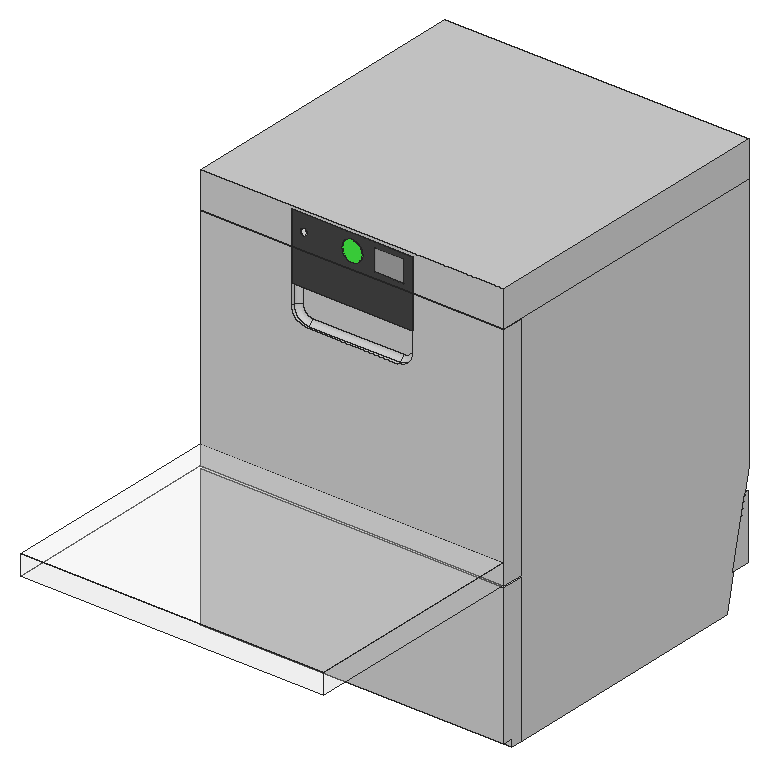
Revit family "H_ww_BIM_FP-10B_de_DE_0718", category Sonderausstattung, Revit 2016
Family settings
  Teiletyp = Normal
  Bemaßung runder Anschluss = Durchmesser verwenden
  Arbeitsebenenbasiert = Nein
  Immer vertikal = Ja
  Beim Laden mit Abzugskörper schneiden = Nein
  Gemeinsam genutzt = Nein
  Raumberechnungspunkt = Nein
Parameters
  Weight = 60 kg
  Volts = 400 V
  URL = "www.hobart.de"
  Depth with open doors = 1048 mm
  Sensitive Heat Output = 0.7 kW
  Potential Equalisation = yes
  Phase = 3
  Open doors [instance] = yes
  Modell = "FP-10B"
  Max Overcurrent Protection = 16 A
  Length Actual = 600 mm
  Latent Heat Output = 0.2 kW
  Cold water consumption / rack = "1.00 l"
  Hersteller = "HOBART GmbH"
  Height Actual = 825 mm
  FL Amps = 14.2 A
  Electric power = 6800 W
  Stainless steel [instance] = HOBART_Stainless_steel
  Direct Waste Size = 0.98"
  Depth Actual = 603 mm
  Cycle = 50 Hz
  Cold Water Size = 3/4"
  Cold Water Quality = "0-1.25 clark (0.2 mmol/l)  /  80 µs/cm"
  Cold Water Minimum Pressure = 0.5 bar
  Cold Water Maximum Pressure = 10 bar
  Cold Water Flow = 5 L/min
  CE Approved = yes
  Beschreibung = "Undercounter dishwasher"
  Author = "S.Doll"
Reference planes
  plane 1 "Mitte (Vorne/Hinten)": y = 0
  plane 2: z = 0
  plane 3 "Mitte (Links/Rechts)": x = 0
  plane 4 "Links": x = -300
  plane 5 "Rechts": x = 300
  plane 6 "Vorne": y = -301.5
  plane 7 "Hinten": y = 301.5
  plane 8 "Kante_Hinten": y = 251.5
  plane 9 "Tür_Hinten": y = -261.5
  plane 10 "Griffmulde_Hinten": y = -286.5
  plane 11 "Offen_Vorne": y = -746.5
  plane 12 "Display_Links": x = -120
  plane 13 "Display_Rechts": x = 120
  plane 14 "Kante_Oben": z = 247
  plane 15 "Display_Unten": z = 754
  plane 16 "Tür_Unten": z = 300
  plane 17 "Oben": z = 825
  plane 18 "Einschub_Oben": z = 725
  plane 19 "Tür Offen_Oben": z = 340
  plane 20 "Griff_Unten": z = 688
  plane 21 "Griffmulde_Unten": z = 619
  plane 22 "Fuß_Links": x = -280
  plane 23 "Fuß_Rechts": x = 280
  plane 24 "Fuß_Vorne": y = -261.5
  plane 25 "Fuß_Hinten": y = 233.5
  plane 26 "Fuß_Oben": z = 6
  plane 27 "Verkleidung_Unten": z = 19
  plane 28 "Display_Hinten": y = -299.5
  plane 29 "Verkleidung_Oben": z = 295
  plane 30 "Tür_Oben": z = 752
  plane 31 "Griff_Oben": z = 750
  plane 32 "Display_Oben": z = 819
  plane 33 "Abzugskörper": z = 644
  plane 34 "Kante_Vorne": y = -281.5
  plane 35 "KWw": x = 250
  plane 36 "EZ": x = -60
  plane 37 "CH": x = -270
  plane 38 "AW": x = 160
  plane 39 "Anschlüsse_Hinten": y = 277.859
  plane 40: z = 32
  plane 41 "Kasten_Oben": z = 203
  plane 42 "Kasten_Unten": z = 76
Forms (mm)
  Extrusion 1, solid, material "HOBART_Stainless_steel" <- "Stainless steel", detail levels coarse
    sketch origin (0, 0, 0) x (1, 0, 0) y (0, 1, 0)
      loop
        line (-300, 301.5) -> (-300, -301.5) -> (300, -301.5) -> (300, 301.5) -> (-300, 301.5)
    from 0 to 825
  Extrusion 2, solid, material "HOBART_Phantom", visible <- "Open doors", detail levels fine
    sketch origin (0, 0, 0) x (1, 0, 0) y (0, 1, 0)
      loop
        line (-300, -301.5) -> (-300, -746.5) -> (300, -746.5) -> (300, -301.5) -> (-300, -301.5)
    from 300 to 340
  Extrusion 3, solid, material "HOBART_Stainless_steel" <- "Stainless steel", detail levels medium+fine
    sketch origin (0, 0, 0) x (1, 0, 0) y (0, 1, 0)
      loop
        line (-300, -261.5) -> (-300, -301.5) -> (300, -301.5) -> (300, -261.5) -> (-300, -261.5)
    from 6 to 295
  Extrusion 4, solid, material "HOBART_Stainless_steel" <- "Stainless steel", detail levels fine
    sketch origin (0, 0, 0) x (1, 0, 0) y (0, 1, 0)
      loop
        line (-300, -261.5) -> (-300, -301.5) -> (300, -301.5) -> (300, -261.5) -> (-300, -261.5)
    from 300 to 752
  Extrusion 5, solid, material "HOBART_Stainless_steel" <- "Stainless steel", detail levels medium+fine
    sketch origin (0, 0, 0) x (1, 0, 0) y (0, 1, 0)
      loop
        line (-300, 301.5) -> (-300, -261.5) -> (300, -261.5) -> (300, 301.5) -> (-300, 301.5)
    from 6 to 754
  Extrusion 6, solid, material "HOBART_Stainless_steel" <- "Stainless steel", detail levels fine
    sketch origin (0, 0, 0) x (1, 0, 0) y (0, 1, 0)
      loop
        line (-300, 301.5) -> (-300, -301.5) -> (300, -301.5) -> (300, 301.5) -> (-300, 301.5)
    from 754 to 825
  Sweep 7, void
    path origin (0, -301.5, 0) x (1, 0, 0) y (0, 0, 1)
      loop
        line (-120, 754) -> (-120, 649)
        arc (-120, 649) -> (-111.213, 627.787) -> (-90, 619) r 30
        line (-90, 619) -> (90, 619)
        arc (90, 619) -> (111.213, 627.787) -> (120, 649) r 30
        line (120, 649) -> (120, 754)
    profile origin (-120, -301.5, 701.5) x (0, -1, 0) y (1, 0, 0)
      loop
        line (0, 0) -> (0, 26.164) -> (-15, 26.164) -> (-15, 10)
        arc (-15, 10) -> (-12.071, 2.929) -> (-5, 0) r 10
        line (-5, 0) -> (0, 0)
  Extrusion 8, void
    sketch origin (0, 0, 0) x (1, 0, 0) y (0, 1, 0)
      loop
        line (-95, -286.5) -> (-95, -301.5) -> (98.145, -301.5) -> (98.145, -286.5) -> (-95, -286.5)
    from 644 to 752
  Extrusion 9, void
    sketch origin (0, 0, 0) x (1, 0, 0) y (0, 1, 0)
      loop
        line (-120, -299.5) -> (-120, -301.5) -> (120, -301.5) -> (120, -299.5) -> (-120, -299.5)
    from 754 to 819
  Extrusion 10, solid, material "HOBART_Black", detail levels fine
    sketch origin (0, 0, 0) x (1, 0, 0) y (0, 1, 0)
      loop
        line (-120, -299.5) -> (-120, -301.5) -> (120, -301.5) -> (120, -299.5) -> (-120, -299.5)
    from 688 to 752
  Extrusion 11, solid, material "HOBART_Stainless_steel" <- "Stainless steel", detail levels medium
    sketch origin (0, 0, 0) x (1, 0, 0) y (0, 1, 0)
      loop
        line (-300, -301.5) -> (300, -301.5) -> (300, -261.5) -> (-300, -261.5) -> (-300, -301.5)
    from 300 to 752
  Extrusion 12, solid, material "HOBART_Stainless_steel" <- "Stainless steel", detail levels fine
    sketch origin (0, 0, 0) x (1, 0, 0) y (0, 1, 0)
      loop
        line (110, -286.5) -> (-110, -286.5)
        arc (-110, -286.5) -> (-117.071, -289.429) -> (-120, -296.5) r 10
        line (-120, -296.5) -> (-120, -299.5) -> (120, -299.5) -> (120, -296.5)
        arc (120, -296.5) -> (117.071, -289.429) -> (110, -286.5) r 10
    from 750 to 752
  Extrusion 13, solid, material "HOBART_Stainless_steel" <- "Stainless steel", detail levels fine
    sketch origin (0, 0, 0) x (1, 0, 0) y (0, 1, 0)
      loop
        line (110, -286.5) -> (-110, -286.5)
        arc (-110, -286.5) -> (-117.071, -289.429) -> (-120, -296.5) r 10
        line (-120, -296.5) -> (-120, -299.5) -> (120, -299.5) -> (120, -296.5)
        arc (120, -296.5) -> (117.071, -289.429) -> (110, -286.5) r 10
    from 750 to 752
  Extrusion 14, solid, material "HOBART_Stainless_steel" <- "Stainless steel", detail levels medium
    sketch origin (0, 0, 0) x (1, 0, 0) y (0, 1, 0)
      loop
        line (-300, 301.5) -> (-300, -301.5) -> (300, -301.5) -> (300, 301.5) -> (-300, 301.5)
    from 754 to 825
  Extrusion 15, solid, material "HOBART_Gray", detail levels medium+fine
    sketch origin (0, 0, 0) x (1, 0, 0) y (0, 1, 0)
      loop
        circle (250, 277.859) r 9.55
    from 71 to 76
  Extrusion 16, solid, material "HOBART_Gray", detail levels medium+fine
    sketch origin (0, 0, 0) x (1, 0, 0) y (0, 1, 0)
      loop
        circle (160, 277.859) r 12.5
    from 71 to 76
  Extrusion 17, solid, detail levels medium+fine
    sketch origin (0, -301.5, 0) x (1, 0, 0) y (0, 0, 1)
      loop
        circle (-270, 29.5) r 2.5
      loop
        circle (-270, 22.5) r 2.5
    from -553 to -560
  Extrusion 18, void
    sketch origin (0, 0, 0) x (1, 0, 0) y (0, 1, 0)
      loop
        line (-300, -281.5) -> (-300, -301.5) -> (300, -301.5) -> (300, -281.5) -> (-300, -281.5)
    from 6 to 19
  Extrusion 19, void
    sketch origin (0, 0, 0) x (0, 1, 0) y (0, 0, 1)
      loop
        line (301.5, 247) -> (248.5, 6) -> (301.5, 6) -> (301.5, 247)
    from -300 to 300
  Extrusion 20, solid, material "HOBART_Stainless_steel" <- "Stainless steel", detail levels medium+fine
    sketch origin (0, 0, 0) x (0, 1, 0) y (0, 0, 1)
      loop
        line (291.824, 203) -> (263.894, 76) -> (301.5, 76) -> (301.5, 203) -> (291.824, 203)
    from -300 to 300
  Extrusion 21, solid, material "HOBART_Gray", detail levels medium+fine
    sketch origin (0, 0, 0) x (1, 0, 0) y (0, 1, 0)
      loop
        circle (-60, 277.859) r 10
    from 71 to 76
Cuts and joins
  Extrusion 18, Extrusion 19 cuts Extrusion 5
  Sweep 7, Extrusion 8 cuts Extrusion 4
  joined: Extrusion 4, Extrusion 12, Extrusion 13
  Sweep 7, Extrusion 9 cuts Extrusion 6
  Extrusion 9, Extrusion 18 cuts Extrusion 3
Lines and regions (mm)
  model lines, detail levels medium
    curve 1: line (-120, -301.5, 754) -> (-120, -301.5, 649)
    curve 2: arc (-120, -301.5, 649) -> (-111.213, -301.5, 627.787) -> (-90, -301.5, 619) r 30
    curve 3: line (-90, -301.5, 619) -> (90, -301.5, 619)
    curve 4: arc (90, -301.5, 619) -> (111.213, -301.5, 627.787) -> (120, -301.5, 649) r 30
    curve 5: line (120, -301.5, 649) -> (120, -301.5, 754)
    curve 6: line (-120, -301.5, 819) -> (120, -301.5, 819)
    curve 7: line (120, -301.5, 819) -> (120, -301.5, 754)
    curve 8: line (-120, -301.5, 819) -> (-120, -301.5, 754)
  model lines, style "H_Logo_White", detail levels medium+fine
    curve 9: line (-40.254, -301.5, 727.159) -> (-37.07, -301.5, 727.159)
    curve 10: line (-39.781, -301.5, 714.094) -> (39.86, -301.5, 714.094)
    curve 11: arc (-41.688, -301.5, 715.499) -> (-40.965, -301.5, 714.483) -> (-39.781, -301.5, 714.094) r 1.996
    curve 12: line (-41.688, -301.5, 715.499) -> (-45.762, -301.5, 728.621)
    curve 13: line (44.819, -301.5, 730.083) -> (-44.685, -301.5, 730.083)
    curve 14: arc (-44.685, -301.5, 730.083) -> (-45.593, -301.5, 729.624) -> (-45.762, -301.5, 728.621) r 1.128
    curve 15: arc (45.895, -301.5, 728.616) -> (45.729, -301.5, 729.622) -> (44.819, -301.5, 730.083) r 1.128
    curve 16: line (45.895, -301.5, 728.616) -> (41.764, -301.5, 715.491)
    curve 17: arc (39.86, -301.5, 714.094) -> (41.041, -301.5, 714.481) -> (41.764, -301.5, 715.491) r 1.996
    curve 18: arc (42.286, -301.5, 709.973) -> (44.309, -301.5, 710.703) -> (45.397, -301.5, 712.558) r 3.164
    curve 19: line (45.397, -301.5, 712.558) -> (48.263, -301.5, 727.965)
    curve 20: line (-42.286, -301.5, 709.973) -> (42.286, -301.5, 709.973)
    curve 21: arc (-45.238, -301.5, 711.998) -> (-44.076, -301.5, 710.528) -> (-42.286, -301.5, 709.973) r 3.164
    curve 22: line (-48.132, -301.5, 728.002) -> (-45.238, -301.5, 711.998)
    curve 23: arc (-45.058, -301.5, 732.109) -> (-47.489, -301.5, 730.725) -> (-48.132, -301.5, 728.002) r 3.503
    curve 24: line (44.819, -301.5, 732.109) -> (-45.058, -301.5, 732.109)
    curve 25: arc (48.263, -301.5, 727.965) -> (47.514, -301.5, 730.845) -> (44.819, -301.5, 732.109) r 3.503
    curve 26: line (-40.254, -301.5, 727.159) -> (-40.254, -301.5, 717.168)
    curve 27: line (-40.254, -301.5, 717.168) -> (-37.07, -301.5, 717.168)
    curve 28: line (-37.07, -301.5, 717.168) -> (-37.07, -301.5, 721.554)
    curve 29: line (-37.07, -301.5, 721.554) -> (-32.538, -301.5, 721.554)
    curve 30: line (-32.538, -301.5, 721.554) -> (-32.538, -301.5, 717.168)
    curve 31: line (-32.538, -301.5, 717.168) -> (-29.354, -301.5, 717.168)
    curve 32: line (-29.354, -301.5, 717.168) -> (-29.354, -301.5, 727.159)
    curve 33: line (-29.354, -301.5, 727.159) -> (-32.538, -301.5, 727.159)
    curve 34: line (-32.538, -301.5, 727.159) -> (-32.538, -301.5, 723.373)
    curve 35: line (-32.538, -301.5, 723.373) -> (-37.07, -301.5, 723.373)
    curve 36: line (-37.07, -301.5, 723.373) -> (-37.07, -301.5, 727.159)
    curve 37: line (-11.03, -301.5, 727.159) -> (-11.03, -301.5, 717.168)
    curve 38: line (1.916, -301.5, 717.168) -> (5.221, -301.5, 717.168)
    curve 39: line (5.221, -301.5, 717.168) -> (5.934, -301.5, 719.129)
    curve 40: line (5.934, -301.5, 719.129) -> (10.165, -301.5, 719.129)
    curve 41: line (10.165, -301.5, 719.129) -> (10.925, -301.5, 717.168)
    curve 42: line (10.925, -301.5, 717.168) -> (14.173, -301.5, 717.168)
    curve 43: line (14.173, -301.5, 717.168) -> (9.876, -301.5, 727.159)
    curve 44: line (9.876, -301.5, 727.159) -> (6.335, -301.5, 727.159)
    curve 45: line (6.335, -301.5, 727.159) -> (1.916, -301.5, 717.168)
    curve 46: line (6.672, -301.5, 720.937) -> (9.464, -301.5, 720.937)
    curve 47: line (9.464, -301.5, 720.937) -> (8.024, -301.5, 724.651)
    curve 48: line (8.024, -301.5, 724.651) -> (6.672, -301.5, 720.937)
    curve 49: line (30.441, -301.5, 727.159) -> (30.441, -301.5, 725.177)
    curve 50: line (30.441, -301.5, 725.177) -> (33.771, -301.5, 725.177)
    curve 51: line (33.771, -301.5, 725.177) -> (33.771, -301.5, 717.168)
    curve 52: line (33.771, -301.5, 717.168) -> (36.955, -301.5, 717.168)
    curve 53: line (36.955, -301.5, 717.168) -> (36.955, -301.5, 725.177)
    curve 54: line (36.955, -301.5, 725.177) -> (40.367, -301.5, 725.177)
    curve 55: line (40.367, -301.5, 725.177) -> (40.367, -301.5, 727.159)
    curve 56: line (40.367, -301.5, 727.159) -> (30.441, -301.5, 727.159)
    curve 57: spline (-20.145, -301.5, 727.376) -> (-18.602, -301.5, 727.199) -> (-17.164, -301.5, 726.68) -> (-15.929, -301.5, 725.854) -> (-14.982, -301.5, 724.777) -> (-14.386, -301.5, 723.523) -> (-14.183, -301.5, 722.178) -> (-14.386, -301.5, 720.832) -> (-14.982, -301.5, 719.578) -> (-15.929, -301.5, 718.502) -> (-17.164, -301.5, 717.675) -> (-18.602, -301.5, 717.156) -> (-20.145, -301.5, 716.979) -> (-21.689, -301.5, 717.156) -> (-23.127, -301.5, 717.675) -> (-24.362, -301.5, 718.502) -> (-25.309, -301.5, 719.578) -> (-25.905, -301.5, 720.832) -> (-26.108, -301.5, 722.178) -> (-25.905, -301.5, 723.523) -> (-25.309, -301.5, 724.777) -> (-24.362, -301.5, 725.854) -> (-23.127, -301.5, 726.68) -> (-21.689, -301.5, 727.199) -> (-20.145, -301.5, 727.376)
    curve 58: spline (-20.177, -301.5, 725.438) -> (-19.452, -301.5, 725.326) -> (-18.777, -301.5, 724.998) -> (-18.197, -301.5, 724.477) -> (-17.752, -301.5, 723.797) -> (-17.472, -301.5, 723.006) -> (-17.377, -301.5, 722.156) -> (-17.472, -301.5, 721.307) -> (-17.752, -301.5, 720.516) -> (-18.197, -301.5, 719.836) -> (-18.777, -301.5, 719.314) -> (-19.452, -301.5, 718.987) -> (-20.177, -301.5, 718.875) -> (-20.902, -301.5, 718.987) -> (-21.577, -301.5, 719.314) -> (-22.157, -301.5, 719.836) -> (-22.602, -301.5, 720.516) -> (-22.881, -301.5, 721.307) -> (-22.977, -301.5, 722.156) -> (-22.881, -301.5, 723.006) -> (-22.602, -301.5, 723.797) -> (-22.157, -301.5, 724.477) -> (-21.577, -301.5, 724.998) -> (-20.902, -301.5, 725.326) -> (-20.177, -301.5, 725.438)
    curve 59: line (20.142, -301.5, 720.937) -> (20.142, -301.5, 717.168)
    curve 60: line (20.142, -301.5, 717.168) -> (17.121, -301.5, 717.168)
    curve 61: line (17.121, -301.5, 717.168) -> (17.121, -301.5, 727.159)
    curve 62: line (17.121, -301.5, 727.159) -> (24.796, -301.5, 727.159)
    curve 63: line (20.142, -301.5, 722.919) -> (20.142, -301.5, 725.177)
    curve 64: line (20.142, -301.5, 725.177) -> (23.219, -301.5, 725.177)
    curve 65: line (20.142, -301.5, 722.919) -> (23.219, -301.5, 722.919)
    curve 66: line (20.142, -301.5, 720.937) -> (23.002, -301.5, 720.937)
    curve 67: line (28.133, -301.5, 717.168) -> (24.692, -301.5, 717.168)
    curve 68: line (-11.03, -301.5, 727.159) -> (-2.756, -301.5, 727.159)
    curve 69: line (-7.83, -301.5, 723.065) -> (-7.83, -301.5, 725.03)
    curve 70: line (-7.83, -301.5, 725.03) -> (-4.861, -301.5, 725.03)
    curve 71: line (-7.83, -301.5, 723.065) -> (-4.861, -301.5, 723.065)
    curve 72: line (-7.83, -301.5, 719.129) -> (-7.83, -301.5, 721.391)
    curve 73: line (-7.83, -301.5, 721.391) -> (-4.861, -301.5, 721.391)
    curve 74: line (-7.83, -301.5, 719.129) -> (-4.861, -301.5, 719.129)
    curve 75: arc (-4.861, -301.5, 721.391) -> (-3.73, -301.5, 720.26) -> (-4.861, -301.5, 719.129) r 1.131
    curve 76: arc (-4.861, -301.5, 725.03) -> (-3.878, -301.5, 724.047) -> (-4.861, -301.5, 723.065) r 0.983
    curve 77: arc (-2.756, -301.5, 727.159) -> (-0.308, -301.5, 724.837) -> (-2.498, -301.5, 722.27) r 2.451
    curve 78: line (-11.03, -301.5, 717.168) -> (-2.932, -301.5, 717.168)
    curve 79: arc (-2.932, -301.5, 717.168) -> (-0.372, -301.5, 719.52) -> (-2.498, -301.5, 722.27) r 2.569
    curve 80: arc (23.219, -301.5, 725.177) -> (24.348, -301.5, 724.048) -> (23.219, -301.5, 722.919) r 1.129
    curve 81: arc (24.796, -301.5, 727.159) -> (27.374, -301.5, 724.929) -> (25.541, -301.5, 722.055) r 2.606
    curve 82: arc (23.002, -301.5, 720.937) -> (23.712, -301.5, 720.61) -> (23.923, -301.5, 719.857) r 0.933
    curve 83: arc (24.692, -301.5, 717.168) -> (24.227, -301.5, 717.725) -> (24.005, -301.5, 718.415) r 1.9
    curve 84: arc (24.005, -301.5, 718.415) -> (23.937, -301.5, 719.135) -> (23.923, -301.5, 719.857) r 9.774
    curve 85: arc (28.133, -301.5, 717.168) -> (27.56, -301.5, 717.821) -> (27.384, -301.5, 718.671) r 1.703
    curve 86: arc (27.384, -301.5, 718.671) -> (27.423, -301.5, 719.602) -> (27.287, -301.5, 720.524) r 4.955
    curve 87: arc (27.287, -301.5, 720.524) -> (26.655, -301.5, 721.565) -> (25.541, -301.5, 722.055) r 2.026
  model lines, style "H_Logo_White", not visible, detail levels medium+fine
    curve 88: line (-40.254, -301.5, 604.2) -> (-37.07, -301.5, 604.2)
    curve 89: line (-39.781, -301.5, 591.136) -> (39.86, -301.5, 591.136)
    curve 90: arc (-41.688, -301.5, 592.54) -> (-40.965, -301.5, 591.525) -> (-39.781, -301.5, 591.136) r 1.996
    curve 91: line (-41.688, -301.5, 592.54) -> (-45.762, -301.5, 605.662)
    curve 92: line (44.819, -301.5, 607.124) -> (-44.685, -301.5, 607.124)
    curve 93: arc (-44.685, -301.5, 607.124) -> (-45.593, -301.5, 606.665) -> (-45.762, -301.5, 605.662) r 1.128
    curve 94: arc (45.895, -301.5, 605.658) -> (45.729, -301.5, 606.663) -> (44.819, -301.5, 607.124) r 1.128
    curve 95: line (45.895, -301.5, 605.658) -> (41.764, -301.5, 592.533)
    curve 96: arc (39.86, -301.5, 591.136) -> (41.041, -301.5, 591.522) -> (41.764, -301.5, 592.533) r 1.996
    curve 97: arc (42.286, -301.5, 587.014) -> (44.309, -301.5, 587.745) -> (45.397, -301.5, 589.599) r 3.164
    curve 98: line (45.397, -301.5, 589.599) -> (48.263, -301.5, 605.006)
    curve 99: line (-42.286, -301.5, 587.014) -> (42.286, -301.5, 587.014)
    curve 100: arc (-45.238, -301.5, 589.039) -> (-44.076, -301.5, 587.569) -> (-42.286, -301.5, 587.014) r 3.164
    curve 101: line (-48.132, -301.5, 605.044) -> (-45.238, -301.5, 589.039)
    curve 102: arc (-45.058, -301.5, 609.15) -> (-47.489, -301.5, 607.766) -> (-48.132, -301.5, 605.044) r 3.503
    curve 103: line (44.819, -301.5, 609.15) -> (-45.058, -301.5, 609.15)
    curve 104: arc (48.263, -301.5, 605.006) -> (47.514, -301.5, 607.886) -> (44.819, -301.5, 609.15) r 3.503
    curve 105: line (-40.254, -301.5, 604.2) -> (-40.254, -301.5, 594.21)
    curve 106: line (-40.254, -301.5, 594.21) -> (-37.07, -301.5, 594.21)
    curve 107: line (-37.07, -301.5, 594.21) -> (-37.07, -301.5, 598.595)
    curve 108: line (-37.07, -301.5, 598.595) -> (-32.538, -301.5, 598.595)
    curve 109: line (-32.538, -301.5, 598.595) -> (-32.538, -301.5, 594.21)
    curve 110: line (-32.538, -301.5, 594.21) -> (-29.354, -301.5, 594.21)
    curve 111: line (-29.354, -301.5, 594.21) -> (-29.354, -301.5, 604.2)
    curve 112: line (-29.354, -301.5, 604.2) -> (-32.538, -301.5, 604.2)
    curve 113: line (-32.538, -301.5, 604.2) -> (-32.538, -301.5, 600.415)
    curve 114: line (-32.538, -301.5, 600.415) -> (-37.07, -301.5, 600.415)
    curve 115: line (-37.07, -301.5, 600.415) -> (-37.07, -301.5, 604.2)
    curve 116: line (-11.03, -301.5, 604.2) -> (-11.03, -301.5, 594.21)
    curve 117: line (1.916, -301.5, 594.21) -> (5.221, -301.5, 594.21)
    curve 118: line (5.221, -301.5, 594.21) -> (5.934, -301.5, 596.171)
    curve 119: line (5.934, -301.5, 596.171) -> (10.165, -301.5, 596.171)
    curve 120: line (10.165, -301.5, 596.171) -> (10.925, -301.5, 594.21)
    curve 121: line (10.925, -301.5, 594.21) -> (14.173, -301.5, 594.21)
    curve 122: line (14.173, -301.5, 594.21) -> (9.876, -301.5, 604.2)
    curve 123: line (9.876, -301.5, 604.2) -> (6.335, -301.5, 604.2)
    curve 124: line (6.335, -301.5, 604.2) -> (1.916, -301.5, 594.21)
    curve 125: line (6.672, -301.5, 597.978) -> (9.464, -301.5, 597.978)
    curve 126: line (9.464, -301.5, 597.978) -> (8.024, -301.5, 601.693)
    curve 127: line (8.024, -301.5, 601.693) -> (6.672, -301.5, 597.978)
    curve 128: line (30.441, -301.5, 604.2) -> (30.441, -301.5, 602.218)
    curve 129: line (30.441, -301.5, 602.218) -> (33.771, -301.5, 602.218)
    curve 130: line (33.771, -301.5, 602.218) -> (33.771, -301.5, 594.21)
    curve 131: line (33.771, -301.5, 594.21) -> (36.955, -301.5, 594.21)
    curve 132: line (36.955, -301.5, 594.21) -> (36.955, -301.5, 602.218)
    curve 133: line (36.955, -301.5, 602.218) -> (40.367, -301.5, 602.218)
    curve 134: line (40.367, -301.5, 602.218) -> (40.367, -301.5, 604.2)
    curve 135: line (40.367, -301.5, 604.2) -> (30.441, -301.5, 604.2)
    curve 136: spline (-20.145, -301.5, 604.417) -> (-18.602, -301.5, 604.24) -> (-17.164, -301.5, 603.721) -> (-15.929, -301.5, 602.895) -> (-14.982, -301.5, 601.818) -> (-14.386, -301.5, 600.564) -> (-14.183, -301.5, 599.219) -> (-14.386, -301.5, 597.873) -> (-14.982, -301.5, 596.619) -> (-15.929, -301.5, 595.543) -> (-17.164, -301.5, 594.717) -> (-18.602, -301.5, 594.197) -> (-20.145, -301.5, 594.02) -> (-21.689, -301.5, 594.197) -> (-23.127, -301.5, 594.717) -> (-24.362, -301.5, 595.543) -> (-25.309, -301.5, 596.619) -> (-25.905, -301.5, 597.873) -> (-26.108, -301.5, 599.219) -> (-25.905, -301.5, 600.564) -> (-25.309, -301.5, 601.818) -> (-24.362, -301.5, 602.895) -> (-23.127, -301.5, 603.721) -> (-21.689, -301.5, 604.24) -> (-20.145, -301.5, 604.417)
    curve 137: spline (-20.177, -301.5, 602.479) -> (-19.452, -301.5, 602.367) -> (-18.777, -301.5, 602.04) -> (-18.197, -301.5, 601.518) -> (-17.752, -301.5, 600.838) -> (-17.472, -301.5, 600.047) -> (-17.377, -301.5, 599.198) -> (-17.472, -301.5, 598.348) -> (-17.752, -301.5, 597.557) -> (-18.197, -301.5, 596.877) -> (-18.777, -301.5, 596.356) -> (-19.452, -301.5, 596.028) -> (-20.177, -301.5, 595.916) -> (-20.902, -301.5, 596.028) -> (-21.577, -301.5, 596.356) -> (-22.157, -301.5, 596.877) -> (-22.602, -301.5, 597.557) -> (-22.881, -301.5, 598.348) -> (-22.977, -301.5, 599.198) -> (-22.881, -301.5, 600.047) -> (-22.602, -301.5, 600.838) -> (-22.157, -301.5, 601.518) -> (-21.577, -301.5, 602.04) -> (-20.902, -301.5, 602.367) -> (-20.177, -301.5, 602.479)
    curve 138: line (20.142, -301.5, 597.978) -> (20.142, -301.5, 594.21)
    curve 139: line (20.142, -301.5, 594.21) -> (17.121, -301.5, 594.21)
    curve 140: line (17.121, -301.5, 594.21) -> (17.121, -301.5, 604.2)
    curve 141: line (17.121, -301.5, 604.2) -> (24.796, -301.5, 604.2)
    curve 142: line (20.142, -301.5, 599.96) -> (20.142, -301.5, 602.218)
    curve 143: line (20.142, -301.5, 602.218) -> (23.219, -301.5, 602.218)
    curve 144: line (20.142, -301.5, 599.96) -> (23.219, -301.5, 599.96)
    curve 145: line (20.142, -301.5, 597.978) -> (23.002, -301.5, 597.978)
    curve 146: line (28.133, -301.5, 594.21) -> (24.692, -301.5, 594.21)
    curve 147: line (-11.03, -301.5, 604.2) -> (-2.756, -301.5, 604.2)
    curve 148: line (-7.83, -301.5, 600.106) -> (-7.83, -301.5, 602.072)
    curve 149: line (-7.83, -301.5, 602.072) -> (-4.861, -301.5, 602.072)
    curve 150: line (-7.83, -301.5, 600.106) -> (-4.861, -301.5, 600.106)
    curve 151: line (-7.83, -301.5, 596.171) -> (-7.83, -301.5, 598.433)
    curve 152: line (-7.83, -301.5, 598.433) -> (-4.861, -301.5, 598.433)
    curve 153: line (-7.83, -301.5, 596.171) -> (-4.861, -301.5, 596.171)
    curve 154: arc (-4.861, -301.5, 598.433) -> (-3.73, -301.5, 597.302) -> (-4.861, -301.5, 596.171) r 1.131
    curve 155: arc (-4.861, -301.5, 602.072) -> (-3.878, -301.5, 601.089) -> (-4.861, -301.5, 600.106) r 0.983
    curve 156: arc (-2.756, -301.5, 604.2) -> (-0.308, -301.5, 601.878) -> (-2.498, -301.5, 599.311) r 2.451
    curve 157: line (-11.03, -301.5, 594.21) -> (-2.932, -301.5, 594.21)
    curve 158: arc (-2.932, -301.5, 594.21) -> (-0.372, -301.5, 596.561) -> (-2.498, -301.5, 599.311) r 2.569
    curve 159: arc (23.219, -301.5, 602.218) -> (24.348, -301.5, 601.089) -> (23.219, -301.5, 599.96) r 1.129
    curve 160: arc (24.796, -301.5, 604.2) -> (27.374, -301.5, 601.97) -> (25.541, -301.5, 599.097) r 2.606
    curve 161: arc (23.002, -301.5, 597.978) -> (23.712, -301.5, 597.651) -> (23.923, -301.5, 596.898) r 0.933
    curve 162: arc (24.692, -301.5, 594.21) -> (24.227, -301.5, 594.766) -> (24.005, -301.5, 595.457) r 1.9
    curve 163: arc (24.005, -301.5, 595.457) -> (23.937, -301.5, 596.176) -> (23.923, -301.5, 596.898) r 9.774
    curve 164: arc (28.133, -301.5, 594.21) -> (27.56, -301.5, 594.862) -> (27.384, -301.5, 595.713) r 1.703
    curve 165: arc (27.384, -301.5, 595.713) -> (27.423, -301.5, 596.644) -> (27.287, -301.5, 597.566) r 4.955
    curve 166: arc (27.287, -301.5, 597.566) -> (26.655, -301.5, 598.606) -> (25.541, -301.5, 599.097) r 2.026
Dimensions and locks
  equal spacing: plane 4 "Links", plane 3 "Mitte (Links/Rechts)", plane 5 "Rechts"
  plane 4 "Links" to plane 5 "Rechts" = 600 mm
  equal spacing: plane 7 "Hinten", plane 1 "Mitte (Vorne/Hinten)", plane 6 "Vorne"
  plane 7 "Hinten" to plane 6 "Vorne" = 603 mm
  locked: plane 7 "Hinten" to plane 8 "Kante_Hinten" at 50
  locked: plane 6 "Vorne" to plane 9 "Tür_Hinten" at 40
  locked: plane 10 "Griffmulde_Hinten" to plane 6 "Vorne" at 15
  "Depth with open doors": plane 7 "Hinten" to plane 11 "Offen_Vorne"
  plane 17 "Oben" to level = 825 mm
  locked: plane 17 "Oben" to plane 15 "Display_Unten" at 71
  locked: plane 18 "Einschub_Oben" to plane 16 "Tür_Unten" at 425
  locked: plane 19 "Tür Offen_Oben" to plane 16 "Tür_Unten" at 40
  locked: plane 15 "Display_Unten" to plane 20 "Griff_Unten" at 66
  locked: plane 20 "Griff_Unten" to plane 21 "Griffmulde_Unten" at 69
  locked: plane 4 "Links" to plane 22 "Fuß_Links" at 20
  locked: plane 23 "Fuß_Rechts" to plane 5 "Rechts" at 20
  locked: plane 24 "Fuß_Vorne" to plane 6 "Vorne" at 40
  locked: plane 7 "Hinten" to plane 25 "Fuß_Hinten" at 68
  locked: plane 28 "Display_Hinten" to plane 6 "Vorne" at 2
  locked: plane 15 "Display_Unten" to plane 30 "Tür_Oben" at 2
  locked: plane 16 "Tür_Unten" to plane 29 "Verkleidung_Oben" at 5
  locked: plane 30 "Tür_Oben" to plane 31 "Griff_Oben" at 2
  locked: plane 32 "Display_Oben" to plane 15 "Display_Unten" at 65
  locked: plane 26 "Fuß_Oben" to level at 6
  locked: plane 27 "Verkleidung_Unten" to plane 26 "Fuß_Oben" at 13
  locked: plane 14 "Kante_Oben" to plane 41 "Kasten_Oben" at 44
  locked: plane 16 "Tür_Unten" to level at 300
  locked: plane 33 "Abzugskörper" to plane 21 "Griffmulde_Unten" at 25
  locked: plane 34 "Kante_Vorne" to plane 6 "Vorne" at 20
  locked: plane 38 "AW" to plane 35 "KWw" at 90
  locked: plane 35 "KWw" to plane 5 "Rechts" at 50
  equal spacing: Extrusion 20, plane 39 "Anschlüsse_Hinten", Extrusion 20
  locked: plane 42 "Kasten_Unten" to plane 26 "Fuß_Oben" at 70
  locked: plane 41 "Kasten_Oben" to plane 42 "Kasten_Unten" at 127
  locked: plane 4 "Links" to plane 37 "CH" at 30
  locked: plane 37 "CH" to plane 36 "EZ" at 210
  aligned and locked: level to plane 2
  aligned and locked: plane 4 "Links" to Extrusion 1 sketch curve
  aligned and locked: Extrusion 1 sketch curve to plane 5 "Rechts"
  aligned and locked: Extrusion 1 sketch curve to plane 7 "Hinten"
  aligned and locked: Extrusion 1 sketch curve to plane 6 "Vorne"
  aligned and locked: Extrusion 1 to plane 17 "Oben"
  aligned and locked: Extrusion 1 to level
  aligned and locked: plane 6 "Vorne" to Extrusion 2 sketch curve
  aligned and locked: Extrusion 2 sketch curve to plane 4 "Links"
  aligned and locked: plane 11 "Offen_Vorne" to Extrusion 2 sketch curve
  aligned and locked: Extrusion 2 sketch curve to plane 5 "Rechts"
  aligned and locked: plane 19 "Tür Offen_Oben" to Extrusion 2
  aligned and locked: Extrusion 2 to plane 16 "Tür_Unten"
  aligned and locked: Extrusion 3 sketch curve to plane 6 "Vorne"
  aligned and locked: plane 4 "Links" to Extrusion 3 sketch curve
  aligned and locked: Extrusion 3 sketch curve to plane 5 "Rechts"
  aligned and locked: plane 9 "Tür_Hinten" to Extrusion 3 sketch curve
  aligned and locked: Extrusion 4 sketch curve to plane 6 "Vorne"
  aligned and locked: Extrusion 4 sketch curve to plane 5 "Rechts"
  aligned and locked: plane 4 "Links" to Extrusion 4 sketch curve
  aligned and locked: plane 9 "Tür_Hinten" to Extrusion 4 sketch curve
  aligned and locked: Extrusion 4 to plane 16 "Tür_Unten"
  aligned and locked: Extrusion 5 sketch curve to plane 7 "Hinten"
  aligned and locked: plane 4 "Links" to Extrusion 5 sketch curve
  aligned and locked: Extrusion 5 sketch curve to plane 9 "Tür_Hinten"
  aligned and locked: Extrusion 5 sketch curve to plane 5 "Rechts"
  aligned and locked: Extrusion 5 to plane 15 "Display_Unten"
  aligned and locked: Extrusion 5 to plane 26 "Fuß_Oben"
  aligned and locked: Extrusion 6 sketch curve to plane 7 "Hinten"
  aligned and locked: plane 4 "Links" to Extrusion 6 sketch curve
  aligned and locked: Extrusion 6 sketch curve to plane 5 "Rechts"
  aligned and locked: Extrusion 6 sketch curve to plane 6 "Vorne"
  aligned and locked: Extrusion 6 to plane 17 "Oben"
  aligned and locked: plane 15 "Display_Unten" to Extrusion 6
  aligned and locked: plane 6 "Vorne" to Sweep 7 sketch curve
  aligned and locked: Sweep 7 sketch curve to plane 12 "Display_Links"
  aligned and locked: Extrusion 8 sketch curve to plane 6 "Vorne"
  aligned and locked: plane 12 "Display_Links" to Extrusion 9 sketch curve
  aligned and locked: plane 13 "Display_Rechts" to Extrusion 9 sketch curve
  aligned and locked: Extrusion 9 sketch curve to plane 6 "Vorne"
  aligned and locked: Extrusion 9 sketch curve to plane 28 "Display_Hinten"
  aligned and locked: plane 15 "Display_Unten" to Extrusion 9
  aligned and locked: plane 12 "Display_Links" to Extrusion 10 sketch curve
  aligned and locked: Extrusion 10 sketch curve to plane 28 "Display_Hinten"
  aligned and locked: plane 13 "Display_Rechts" to Extrusion 10 sketch curve
  aligned and locked: Extrusion 10 sketch curve to plane 6 "Vorne"
  aligned and locked: Extrusion 10 to plane 20 "Griff_Unten"
  aligned and locked: plane 30 "Tür_Oben" to cut or joined group of Extrusion 4, Sweep 7, Extrusion 8, Extrusion 12, Extrusion 13  (x2)
  aligned and locked: plane 30 "Tür_Oben" to Extrusion 10
  aligned and locked: Extrusion 3 to plane 29 "Verkleidung_Oben"
  aligned and locked: plane 22 "Fuß_Links" to nested 1
  aligned and locked: plane 22 "Fuß_Links" to nested 2
  aligned and locked: nested 4 to plane 23 "Fuß_Rechts"
  aligned and locked: nested 3 to plane 23 "Fuß_Rechts"
  aligned and locked: nested 3 to plane 24 "Fuß_Vorne"
  aligned and locked: nested 2 to plane 24 "Fuß_Vorne"
  aligned and locked: nested 4 to plane 25 "Fuß_Hinten"
  aligned and locked: nested 1 to plane 25 "Fuß_Hinten"
  aligned and locked: Extrusion 11 sketch curve to plane 4 "Links"
  aligned and locked: plane 5 "Rechts" to Extrusion 11 sketch curve
  aligned and locked: Extrusion 11 sketch curve to plane 9 "Tür_Hinten"
  aligned and locked: plane 6 "Vorne" to Extrusion 11 sketch curve
  aligned and locked: Extrusion 11 to plane 16 "Tür_Unten"
  aligned and locked: plane 30 "Tür_Oben" to Extrusion 11
  aligned and locked: curve 1 to cut or joined group of Extrusion 4, Sweep 7, Extrusion 8, Extrusion 12, Extrusion 13
  aligned and locked: curve 2 to cut or joined group of Extrusion 4, Sweep 7, Extrusion 8, Extrusion 12, Extrusion 13
  aligned and locked: curve 4 to cut or joined group of Extrusion 4, Sweep 7, Extrusion 8, Extrusion 12, Extrusion 13
  aligned and locked: plane 10 "Griffmulde_Hinten" to Extrusion 8
  aligned and locked: Extrusion 12 sketch curve to cut or joined group of Extrusion 4, Sweep 7, Extrusion 8, Extrusion 12, Extrusion 13  (x2)
  aligned and locked: cut or joined group of Extrusion 6, Sweep 7, Extrusion 9 to Extrusion 12 sketch curve  (x2)
  aligned and locked: plane 30 "Tür_Oben" to Extrusion 12
  aligned and locked: Extrusion 12 to plane 31 "Griff_Oben"
  aligned and locked: Extrusion 13 sketch curve to Extrusion 12  (x4)
  aligned and locked: plane 30 "Tür_Oben" to Extrusion 13
  aligned and locked: Extrusion 13 to plane 31 "Griff_Oben"
  aligned and locked: plane 32 "Display_Oben" to cut or joined group of Extrusion 6, Sweep 7, Extrusion 9
  aligned and locked: Extrusion 14 sketch curve to plane 7 "Hinten"
  aligned and locked: plane 4 "Links" to Extrusion 14 sketch curve
  aligned and locked: Extrusion 14 sketch curve to plane 5 "Rechts"
  aligned and locked: Extrusion 14 sketch curve to plane 6 "Vorne"
  aligned and locked: Extrusion 14 to plane 17 "Oben"
  aligned and locked: plane 15 "Display_Unten" to Extrusion 14
  aligned and locked: curve 6 to plane 32 "Display_Oben"
  aligned and locked: plane 13 "Display_Rechts" to curve 7
  aligned and locked: curve 8 to plane 12 "Display_Links"
  aligned and locked: Extrusion 8 to plane 33 "Abzugskörper"
  aligned and locked: plane 38 "AW" to Extrusion 16 sketch curve
  aligned and locked: plane 39 "Anschlüsse_Hinten" to Extrusion 16 sketch curve
  aligned and locked: plane 35 "KWw" to Extrusion 15 sketch curve
  aligned and locked: plane 39 "Anschlüsse_Hinten" to Extrusion 15 sketch curve
  aligned and locked: plane 37 "CH" to Extrusion 17 sketch curve
  aligned and locked: Extrusion 18 sketch curve to plane 34 "Kante_Vorne"
  aligned and locked: Extrusion 18 sketch curve to plane 6 "Vorne"
  aligned and locked: plane 4 "Links" to Extrusion 18 sketch curve
  aligned and locked: Extrusion 18 sketch curve to plane 5 "Rechts"
  aligned and locked: plane 27 "Verkleidung_Unten" to Extrusion 18
  aligned and locked: Extrusion 18 to plane 26 "Fuß_Oben"
  aligned and locked: cut or joined group of Extrusion 3, Extrusion 9, Extrusion 18 to plane 26 "Fuß_Oben"
  aligned and locked: Extrusion 19 sketch curve to plane 26 "Fuß_Oben"
  aligned and locked: plane 7 "Hinten" to Extrusion 19 sketch curve
  aligned and locked: Extrusion 19 to plane 4 "Links"
  aligned and locked: plane 5 "Rechts" to Extrusion 19
  aligned and locked: plane 41 "Kasten_Oben" to Extrusion 20 sketch curve
  aligned and locked: plane 42 "Kasten_Unten" to Extrusion 20 sketch curve
  aligned and locked: Extrusion 20 to plane 4 "Links"
  aligned and locked: plane 5 "Rechts" to Extrusion 20
  aligned and locked: plane 36 "EZ" to Extrusion 21 sketch curve
  aligned and locked: plane 39 "Anschlüsse_Hinten" to Extrusion 21 sketch curve
  aligned and locked: Extrusion 21 to plane 42 "Kasten_Unten"
  aligned and locked: plane 42 "Kasten_Unten" to Extrusion 16
  aligned and locked: plane 42 "Kasten_Unten" to Extrusion 15
  aligned and locked: Extrusion 17 to plane 8 "Kante_Hinten"
  aligned and locked: nested 5 to plane 12 "Display_Links"
  aligned and locked: nested 5 to plane 28 "Display_Hinten"
  aligned and locked: plane 32 "Display_Oben" to nested 5
Automatic sketch dimensions
  Sweep 7 sketch curve to plane 12 "Display_Links" = 0 mm
  Sweep 7 sketch curve to plane 21 "Griffmulde_Unten" = 0 mm
  plane 13 "Display_Rechts" to Sweep 7 sketch curve = 0 mm
  Sweep 7 sketch curve to plane 15 "Display_Unten" = 0 mm  (x2)
  plane 12 "Display_Links" to Sweep 7 sketch curve = 30 mm
  plane 33 "Abzugskörper" to Sweep 7 sketch curve = 5 mm
  Sweep 7 sketch curve to plane 6 "Vorne" = 5 mm
  Sweep 7 sketch curve to Sweep 7 sketch curve = 10 mm
  Sweep 7 sketch curve to Sweep 7 sketch curve = 16.164 mm
  Extrusion 8 sketch curve to plane 10 "Griffmulde_Hinten" = 0 mm
  plane 12 "Display_Links" to Extrusion 8 sketch curve = 25 mm
  plane 13 "Display_Rechts" to Extrusion 8 sketch curve = 21.855 mm
  Extrusion 12 sketch curve to plane 28 "Display_Hinten" = 0 mm
  Extrusion 13 sketch curve to plane 28 "Display_Hinten" = 0 mm
  plane 30 "Tür_Oben" to curve 1 = 2 mm
  curve 7 to plane 15 "Display_Unten" = 0 mm
  plane 37 "CH" to Extrusion 17 sketch curve = 0 mm
  plane 27 "Verkleidung_Unten" to Extrusion 17 sketch curve = 3.5 mm
  Extrusion 17 sketch curve to Extrusion 17 sketch curve = 7 mm
  Extrusion 19 sketch curve to plane 7 "Hinten" = 53 mm
  plane 29 "Verkleidung_Oben" to Extrusion 19 sketch curve = 48 mm
  Extrusion 20 sketch curve to plane 7 "Hinten" = 0 mm
  Extrusion 20 sketch curve to plane 7 "Hinten" = 9.676 mm
  plane 8 "Kante_Hinten" to Extrusion 20 sketch curve = 12.394 mm
  radius of Extrusion 15 sketch curve = 9.55 mm
  radius of Extrusion 16 sketch curve = 12.5 mm
  radius of Extrusion 17 sketch curve = 2.5 mm  (x2)
  radius of Extrusion 21 sketch curve = 10 mm
Nested families
  nested 1: "Fuß_Untertischm" at (-280, 233.5, 0), type "Fuß_Untertischm", detail levels medium+fine
  nested 2: "Fuß_Untertischm" at (-280, -261.5, 0), type "Fuß_Untertischm", detail levels medium+fine
  nested 3: "Fuß_Untertischm" at (280, -261.5, 0), type "Fuß_Untertischm", detail levels medium+fine
  nested 4: "Fuß_Untertischm" at (280, 233.5, 0), type "Fuß_Untertischm", detail levels medium+fine
  nested 5: "Bedienfolie_PREMAX" at (0, -299.5, 786.5), type "Bedienfolie_PREMAX", detail levels fine
Connectors
  piping at (-270, 258.5, 29.5), diameter 5
    settings: on Extrusion 17, index 1, connector inside diameter 24", connector length 0 mm, flow factor 0, pipe flow 0 L/min, pressure drop 0 bar, fitting loss kfactor 0, connector angle 0°, fixture units 0, engagement length 0 mm, angle of deflection 0°, flow configuration 1, flow direction 1, fitting loss method 0, system type 22, joint type 0, gender type 0, connector reference index -1, connector utility 0, adjustable connector no, is connector primary yes, connector description "Chemistry"
  piping at (-270, 258.5, 29.5), diameter 5
    settings: on Extrusion 17, index 2, connector inside diameter 24", connector length 0 mm, flow factor 0, pipe flow 0 L/min, pressure drop 0 bar, fitting loss kfactor 0, connector angle 0°, fixture units 0, engagement length 0 mm, angle of deflection 0°, flow configuration 1, flow direction 1, fitting loss method 0, system type 22, joint type 0, gender type 0, connector reference index -1, connector utility 0, adjustable connector no, is connector primary no, connector description "Chemistry"
  piping at (250, 277.859, 71), diameter 19.05, driven by "Cold Water Quality", driven by "Cold Water Flow", driven by "Cold Water Size"
    settings: on Extrusion 15, index 3, connector inside diameter 24", connector length 0 mm, flow factor 0, pipe flow 5 L/min, pressure drop 0 bar, fitting loss kfactor 0, connector angle 0°, fixture units 0, engagement length 0 mm, angle of deflection 0°, flow configuration 1, flow direction 1, fitting loss method 0, system type 20, joint type 0, gender type 0, connector reference index -1, connector utility 0, adjustable connector no, is connector primary no, connector description "0-1.25 clark (0.2 mmol/l)  /  80 µs/cm"
  piping at (160, 277.859, 71), diameter 24.892, driven by "Direct Waste Size"
    settings: on Extrusion 16, index 5, connector inside diameter 24", connector length 0 mm, flow factor 0, pipe flow 0 L/min, pressure drop 0 bar, fitting loss kfactor 0, connector angle 0°, fixture units 0, engagement length 0 mm, angle of deflection 0°, flow configuration 1, flow direction 2, fitting loss method 0, system type 16, joint type 0, gender type 0, connector reference index -1, connector utility 0, adjustable connector no, is connector primary no, connector description ""
  electrical at (-60, 277.859, 71), driven by "Volts"
    settings: on Extrusion 21, index 6, voltage 400 V, apparent load 0 VA, apparent load phase1 0 VA, apparent load phase2 0 VA, apparent load phase3 0 VA, power factor 0, load classification "Sonstige", number of poles 3, system type 30, power factor state 0, is connector primary yes, connector utility no, sub classification motor no, connector description ""
  piping at (-270, 258.5, 22.5), diameter 5
    settings: on Extrusion 17, index 7, connector inside diameter 24", connector length 0 mm, flow factor 0, pipe flow 0 L/min, pressure drop 0 bar, fitting loss kfactor 0, connector angle 0°, fixture units 0, engagement length 0 mm, angle of deflection 0°, flow configuration 1, flow direction 1, fitting loss method 0, system type 22, joint type 0, gender type 0, connector reference index -1, connector utility 0, adjustable connector no, is connector primary no, connector description "Chemistry"
Definition of nested family "Fuß_Untertischm"
  Parameters (values of type "Fuß_Untertischm")
    URL = ""
    Manufacturer = ""
  Reference planes
    plane 1 "Mitte (Vorne/Hinten)": y = 0
    plane 2: z = 0
    plane 3 "Mitte (Links/Rechts)": x = 0
    plane 4 "Mitte": z = 4
    plane 5 "Oben": z = 6
  Forms (mm)
    Extrusion 1, solid
      sketch origin (0, 0, 0) x (1, 0, 0) y (0, 1, 0)
        loop
          line (6.351, -11) -> (12.702, 0) -> (6.351, 11) -> (-6.351, 11) -> (-12.702, 0) -> (-6.351, -11) -> (6.351, -11)
      from 0 to 4
    Extrusion 2, solid
      sketch origin (0, 0, 0) x (1, 0, 0) y (0, 1, 0)
        loop
          circle (0, 0) r 5.5
      from 4 to 6
  Dimensions and locks
    aligned and locked: level to plane 2
    aligned and locked: plane 4 "Mitte" to Extrusion 1
    aligned and locked: plane 5 "Oben" to Extrusion 2
    aligned and locked: Extrusion 2 to plane 4 "Mitte"
Definition of nested family "Bedienfolie_PREMAX"
  Reference planes
    plane 1 "Mitte (Vorne/Hinten)": y = 0
    plane 2: z = 0
    plane 3 "Mitte (Links/Rechts)": x = 0
    plane 4 "Oben": z = 32.5
    plane 5 "Links": x = -120
    plane 6 "Rechts": x = 120
    plane 7 "Vorne": y = -2
    plane 8 "Display_Rechts": x = 102
    plane 9 "Display_Links": x = 44
    plane 10 "Unten": z = -32.5
    plane 11 "Display_Oben": z = 21.5
    plane 12 "Display_Unten": z = -21.5
    plane 13 "Knopf_Links": x = -96
    plane 14 "Display_Hinten": y = -1
  Forms (mm)
    Extrusion 1, solid
      sketch origin (0, 0, 0) x (1, 0, 0) y (0, 0, 1)
        loop
          circle (0, 0) r 20
      from 0 to 2
    Extrusion 2, solid
      sketch origin (0, 0, 0) x (1, 0, 0) y (0, 0, 1)
        loop
          line (44, 21.5) -> (44, -21.5) -> (102, -21.5) -> (102, 21.5) -> (44, 21.5)
      from 1 to 2
    Extrusion 3, solid
      sketch origin (0, 0, 0) x (1, 0, 0) y (0, 0, 1)
        loop
          line (-120, 32.5) -> (-120, -32.5) -> (120, -32.5) -> (120, 32.5) -> (-120, 32.5)
        loop
          circle (0, 0) r 20
        loop
          circle (-96, 0) r 6
      from 0 to 2
    Extrusion 4, void
      sketch origin (0, 0, 0) x (1, 0, 0) y (0, 1, 0)
        loop
          line (44, -2) -> (102, -2) -> (102, -1) -> (44, -1) -> (44, -2)
      from -21.5 to 21.5
    Extrusion 5, solid
      sketch origin (0, 0, 0) x (1, 0, 0) y (0, 0, 1)
        loop
          circle (-96, 0) r 6
      from 0 to 2
  Cuts and joins
    Extrusion 4 cuts Extrusion 3
  Dimensions and locks
    equal spacing: plane 5 "Links", plane 3 "Mitte (Links/Rechts)", plane 6 "Rechts"
    locked: plane 5 "Links" to plane 6 "Rechts" at 240
    locked: plane 7 "Vorne" to plane 1 "Mitte (Vorne/Hinten)" at 2
    locked: plane 8 "Display_Rechts" to plane 6 "Rechts" at 18
    locked: plane 9 "Display_Links" to plane 8 "Display_Rechts" at 58
    equal spacing: plane 4 "Oben", level, plane 10 "Unten"
    locked: plane 4 "Oben" to plane 10 "Unten" at 65
    plane 11 "Display_Oben" to level to plane 12 "Display_Unten" = 21.5 mm locked, 21.5 mm locked
    locked: plane 5 "Links" to plane 13 "Knopf_Links" at 24
    locked: plane 14 "Display_Hinten" to plane 7 "Vorne" at 1
    aligned and locked: level to plane 2
    aligned and locked: Extrusion 2 sketch curve to plane 11 "Display_Oben"
    aligned and locked: Extrusion 2 sketch curve to plane 12 "Display_Unten"
    aligned and locked: Extrusion 2 sketch curve to plane 8 "Display_Rechts"
    aligned and locked: Extrusion 1 to plane 7 "Vorne"
    aligned and locked: Extrusion 3 sketch curve to Extrusion 1  (x2)
    aligned and locked: Extrusion 3 sketch curve to plane 4 "Oben"
    aligned and locked: Extrusion 3 sketch curve to plane 6 "Rechts"
    aligned and locked: plane 10 "Unten" to Extrusion 3 sketch curve
    aligned and locked: plane 5 "Links" to Extrusion 3 sketch curve
    aligned and locked: Extrusion 3 to plane 7 "Vorne"
    aligned and locked: plane 14 "Display_Hinten" to Extrusion 2
    aligned and locked: plane 14 "Display_Hinten" to Extrusion 4 sketch curve
    aligned and locked: Extrusion 4 sketch curve to plane 7 "Vorne"
    aligned and locked: plane 8 "Display_Rechts" to Extrusion 4 sketch curve
    aligned and locked: plane 11 "Display_Oben" to Extrusion 4
    aligned and locked: plane 12 "Display_Unten" to Extrusion 4
    aligned and locked: plane 9 "Display_Links" to Extrusion 4
    aligned and locked: Extrusion 5 to plane 1 "Mitte (Vorne/Hinten)"
    aligned and locked: Extrusion 5 to plane 7 "Vorne"
  Automatic sketch dimensions
    Extrusion 1 sketch curve to level = 0 mm
    Extrusion 1 sketch curve to plane 3 "Mitte (Links/Rechts)" = 0 mm
    plane 9 "Display_Links" to Extrusion 2 sketch curve = 0 mm
    Extrusion 4 sketch curve to plane 9 "Display_Links" = 0 mm
    Extrusion 3 sketch curve to level = 0 mm
    Extrusion 3 sketch curve to plane 13 "Knopf_Links" = 0 mm
    Extrusion 5 sketch curve to level = 0 mm
    Extrusion 5 sketch curve to plane 13 "Knopf_Links" = 0 mm
    radius of Extrusion 1 sketch curve = 20 mm
    radius of Extrusion 3 sketch curve = 6 mm
    radius of Extrusion 5 sketch curve = 6 mm
